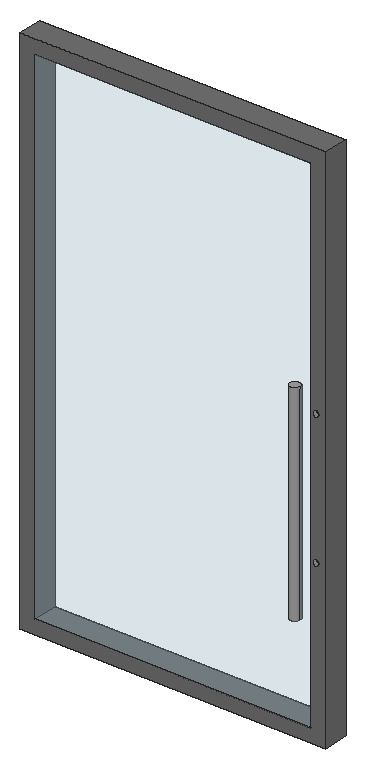
Revit family "АВЛН_Дверь витражная_Однопольная", category Двери, Revit 2021
Family settings
  Всегда вертикально = Да
  При загрузке вырезать с полостями = Нет
  Общий = Нет
  Точка принадлежности помещению = Нет
Parameters (values of type "неравнопольная витражная дверь - тонированная")
  ширина.2 [instance] = ширина - ширина.1  # 0 mm
  ширина.1 [instance] = ширина  # 1220 mm
  ширина [instance] = 1220 mm
  Функция = Наружные слои
  Угол открывания [instance] = 45.00°
  Тонкая линия проема = yes
  Толщина = 100 mm
  Порог наружный_смещение [instance] = 0 mm
  Порог наружный [instance] = no
  Порог внутренний_смещение [instance] = 0 mm
  Порог внутренний [instance] = no
  Остекление = ADSK_Стекло_Прозрачное тонированное
  Определить тепловые свойства по = Тип схем
  Высота нижней части = 55 mm
  Аналитическая конструкция = "<Нет>"
  Смещение [instance] = 50 mm
  Material = AVLN_Материал импоста_RAL 7024
  Glazing Material = ADSK_Стекло_Прозрачное тонированное
  Assembly Code = ""
Types (2, lengths in mm): name | Толщина | Порог наружный_смещение | Порог наружный | Порог внутренний_смещение | Порог внутренний | Смещение
  неравнопольная витражная дверь - прозрачное | 50 | 383.826 | yes | 542.566 | yes | 55
  неравнопольная витражная дверь - тонированная | 100 | 0 | no | 0 | no | 50
Reference planes
  plane 1 "Center (Front/Back": y = 0
  plane 2: z = 0
  plane 3 "Center (Left/Right)": x = 1002.523
  plane 4 "Left": x = -217.477
  plane 5 "Right": x = 1002.523
  plane 6 "Top": z = 2133.6
  plane 7: y = 150
  plane 8: y = 50
  plane 9: z = 1333.6
  plane 10 "Низ ручки": z = 500
  plane 11: z = 55
  plane 12: z = 1066.8
Forms (mm)
  Extrusion 1, solid, material "AVLN_Материал импоста_RAL 7024" <- "Material"
    sketch origin (0, 0, 0) x (1, 0, 0) y (0, 0, 1)
      loop
        line (1001.317, 2133.6) -> (-217.477, 2133.6) -> (-217.477, 0) -> (1001.317, 0) -> (1001.317, 2133.6)
      loop
        line (944.579, 55) -> (944.579, 2076.45) -> (-160.214, 2076.45) -> (-160.214, 55) -> (944.579, 55)
    from -50 to -150
  Extrusion 2, solid, material "ADSK_Стекло_Прозрачное тонированное" <- "Остекление"
    sketch origin (-7.944, 150, 0) x (1, 0, 0) y (0, 0, 1)
      loop
        line (952.523, 55) -> (952.523, 2076.45) -> (-152.271, 2076.45) -> (-152.271, 55) -> (952.523, 55)
    from 100 to 0
  Extrusion 3, solid, material "По умолчанию"
    sketch origin (191.206, 150, -6.84) x (1, 0, 0) y (0, 0, 1)
      loop
        circle (773.154, 1190.44) r 10
    from 0 to 50
  Extrusion 4, solid, material "По умолчанию"
    sketch origin (92.39, 150, -1401.84) x (1, 0, 0) y (0, 0, 1)
      loop
        circle (873.154, 2051.84) r 10
    from 0 to 50
  Extrusion 5, solid, material "По умолчанию"
    sketch origin (189.631, -20, 0) x (1, 0, 0) y (0, 1, 0)
      loop
        circle (774.729, -34.45) r 20
    from 500 to 1333.6
  Extrusion 6, solid, material "По умолчанию"
    sketch origin (375.046, 50, 0) x (1, 0, 0) y (0, 0, -1)
      loop
        circle (589.314, -1183.6) r 10
    from 0 to 50
  Extrusion 7, solid, material "По умолчанию"
    sketch origin (375.046, 50, 0) x (1, 0, 0) y (0, 0, -1)
      loop
        circle (589.314, -650) r 10
    from 0 to 50
  Extrusion 8, solid, material "По умолчанию"
    sketch origin (189.631, 87.7, 0) x (1, 0, 0) y (0, 1, 0)
      loop
        circle (774.729, 29.45) r 20
    from 500 to 1333.6
Lines and regions (mm)
  Masking region 1, visible <- "Тонкая линия проема"
    outline origin (525.259, 738.242, 0) x (1, 0, 0) y (0, 1, 0)
      loop
        line (-742.736, -638.242) -> (-742.736, -643.242) -> (-742.736, -743.242) -> (-742.736, -783.71) -> (477.264, -783.71) -> (477.264, -743.242) -> (477.264, -643.242) -> (477.264, -638.242) -> (-742.736, -638.242)
  symbolic lines, style "DoorsGlassProjection", detail levels medium+fine
    curve 1: line (1002.523, 50, 1066.8) -> (1002.523, 50, 0)
    curve 2: line (1552.523, 50, 2133.6) -> (1002.523, 50, 1066.8)
    curve 3: line (1002.523, 50, 1066.8) -> (-217.477, 50, 2133.6)
    curve 4: line (1002.523, 50, 1066.8) -> (-217.477, 50, 0)
  symbolic lines, visible <- "Порог наружный"
    curve 5: line (-217.477, 150, 0) -> (1002.523, 150, 0)
  symbolic lines, visible <- "Порог внутренний"
    curve 6: line (-217.477, 50, 0) -> (1002.523, 50, 0)
Text (mm)
  text "Exterior" at (-1422.424, 797.241, 0), in view "Base Line"
Dimensions and locks
  "ширина.1": plane 4 "Left" to plane 3 "Center (Left/Right)"
  plane 3 "Center (Left/Right)" to Extrusion 1 sketch curve = 1.206 mm
  "Смещение": plane 1 "Center (Front/Back" to plane 8
  plane 2 to plane 6 "Top" = 2133.6 mm
  plane 9 to plane 6 "Top" = 800 mm
  locked: level to plane 10 "Низ ручки" at 500
  "ширина": plane 4 "Left" to plane 5 "Right"
  locked: Extrusion 4 sketch curve to plane 10 "Низ ручки" at 150
  locked: Extrusion 7 sketch curve to plane 10 "Низ ручки" at 150
  locked: plane 9 to Extrusion 3 sketch curve at 150
  plane 9 to Extrusion 6 sketch curve = 150 mm
  plane 5 "Right" to plane 3 "Center (Left/Right)" = 0 mm
  "Высота нижней части": level to plane 11
  equal spacing: level, plane 12, plane 6 "Top"
  "Толщина": plane 8 to plane 7
  "Порог внутренний_смещение": curve 6 to plane 8
  "Порог наружный_смещение": plane 7 to curve 5
  aligned and locked: Extrusion 1 to plane 8
  aligned and locked: plane 7 to Extrusion 1
  aligned and locked: plane 4 "Left" to Extrusion 1
  aligned and locked: Extrusion 2 sketch curve to Extrusion 1
  aligned and locked: Extrusion 8 to Extrusion 5
  aligned and locked: Extrusion 5 to Extrusion 8
  aligned and locked: plane 10 "Низ ручки" to Extrusion 8
  aligned and locked: Extrusion 8 to plane 9
  aligned and locked: Extrusion 5 to plane 9
  aligned and locked: plane 10 "Низ ручки" to Extrusion 5
  aligned and locked: nested 1 to plane 4 "Left"
  aligned and locked: plane 11 to Extrusion 1 sketch curve
  aligned and locked: Extrusion 2 sketch curve to plane 11
  aligned and locked: plane 4 "Left" to curve 4
  aligned and locked: plane 5 "Right" to curve 1
  aligned and locked: level to curve 1
  aligned and locked: level to curve 4
  aligned and locked: plane 3 "Center (Left/Right)" to curve 3
  aligned and locked: plane 12 to curve 1
  aligned and locked: plane 4 "Left" to Masking region 1
  aligned and locked: Masking region 1 to plane 5 "Right"
  aligned and locked: Masking region 1 sketch curve to plane 4 "Left"
  aligned and locked: Extrusion 2 to Extrusion 1  (x2)
  aligned and locked: Extrusion 2 to plane 8
  aligned and locked: plane 8 to nested 1
  aligned and locked: Extrusion 2 to plane 7
  aligned and locked: plane 5 "Right" to curve 5
  aligned and locked: plane 4 "Left" to curve 5
  aligned and locked: plane 4 "Left" to curve 6
Automatic sketch dimensions
  Extrusion 5 sketch curve to plane 3 "Center (Left/Right)" = 38.163 mm
  plane 1 "Center (Front/Back" to Extrusion 5 sketch curve = 54.45 mm
  Extrusion 8 sketch curve to plane 3 "Center (Left/Right)" = 38.163 mm
  Extrusion 8 sketch curve to plane 8 = 67.15 mm
  plane 4 "Left" to Extrusion 1 sketch curve = 0 mm
  Extrusion 1 sketch curve to level = 0 mm
  Extrusion 1 sketch curve to plane 6 "Top" = 0 mm
  Extrusion 1 sketch curve to plane 4 "Left" = 57.263 mm
  Extrusion 1 sketch curve to plane 3 "Center (Left/Right)" = 57.944 mm
  Extrusion 1 sketch curve to plane 3 "Center (Left/Right)" = 1.206 mm
  plane 6 "Top" to Extrusion 1 sketch curve = 57.15 mm
  Extrusion 2 sketch curve to Extrusion 1 = 0 mm
  Extrusion 1 to Extrusion 2 sketch curve = 0 mm
  Extrusion 3 sketch curve to Extrusion 1 = 19.781 mm
  Extrusion 4 sketch curve to Extrusion 1 = 20.965 mm
  Extrusion 6 sketch curve to Extrusion 1 = 19.781 mm
  Extrusion 7 sketch curve to Extrusion 1 = 19.781 mm
  curve 3 to Extrusion 2 = 57.262 mm
  Masking region 1 sketch curve to plane 5 "Right" = 0 mm
  plane 1 "Center (Front/Back" to Masking region 1 sketch curve = 45.467 mm
  plane 1 "Center (Front/Back" to Masking region 1 sketch curve = 5 mm  (x2)
  Masking region 1 sketch curve to plane 8 = 45 mm
  Masking region 1 sketch curve to plane 8 = 50 mm
  Masking region 1 sketch curve to Masking region 1 sketch curve = 5 mm
  Extrusion 2 to curve 2 = 57.15 mm
  Extrusion 2 to curve 2 = 607.944 mm
  Extrusion 2 to curve 3 = 57.15 mm
  curve 6 to plane 3 "Center (Left/Right)" = 0 mm
  radius of Extrusion 5 sketch curve = 20 mm
  radius of Extrusion 8 sketch curve = 20 mm
  radius of Extrusion 3 sketch curve = 10 mm
  radius of Extrusion 4 sketch curve = 10 mm
  radius of Extrusion 6 sketch curve = 10 mm
  radius of Extrusion 7 sketch curve = 10 mm
Nested families
  nested 1: "балкон.дверь.план" at (-217.477, 50, 0), ширина <- "ширина.1", type "балкон.дверь.план", detail levels medium+fine
    with ширина 1220 mm
Definition of nested family "балкон.дверь.план"
  Parameters (values of type "балкон.дверь.план")
    ширина.двери = 750 mm
    ширина [instance] = 397.4 mm
    толщина = 100 mm
  Reference planes
    plane 1 "По центру (Вперед/Назад)": y = 0
    plane 2: z = 0
    plane 3 "По центру (Влево/Вправо)": x = 0
  Lines and regions (mm)
    detail lines, in view "Опорный уровень"
      curve 1: line (0, 0, 0) -> (344.159, -198.7, 0)
  Dimensions and locks
    "ширина": curve 1 to curve 1
    locked: curve 1 to plane 1 "По центру (Вперед/Назад)" (angle 30.00°)
    aligned and locked: plane 1 "По центру (Вперед/Назад)" to curve 1
    aligned and locked: plane 3 "По центру (Влево/Вправо)" to curve 1
  Automatic sketch dimensions
    plane 1 "По центру (Вперед/Назад)" to curve 1 = 0 mm
